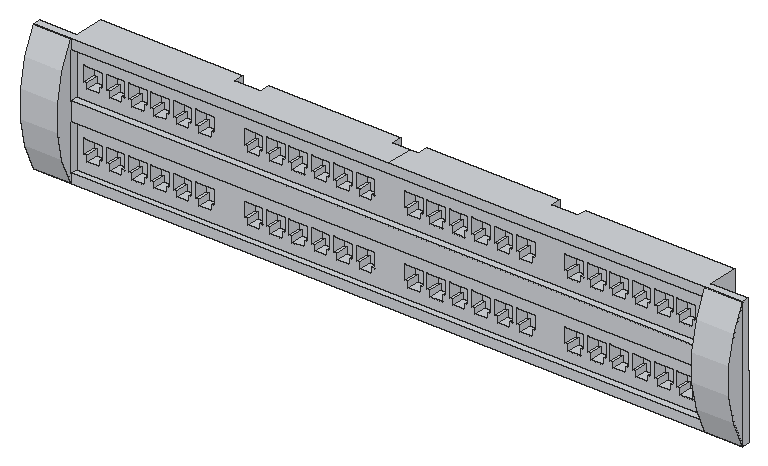
Revit family
Parameters (values of type "Type 1")
  Material ID = "760152579"
  Description = "360 1100GS3 Evolve U/UTP 48 Port Patch Panel\r\n360 1100 GS3 48 Port Patch Panel"
Reference planes (in)
  plane 1 "Center (Front/Back)": y = 0
  plane 2: z = 0
  plane 3 "Center (Left/Right)": x = 0
Forms (in)
  Extrusion 1, solid
    sketch origin (0, 0, 0) x (1, 0, 0) y (0, 0, 1)
      loop
        line (0, 1.735) -> (-9.5, 1.735) -> (-9.5, -1.735) -> (9.5, -1.735) -> (9.5, 1.735) -> (0, 1.735)
    from 0 to 1
  Extrusion 2, solid
    sketch origin (0, 0, 0) x (0, 1, 0) y (0, 0, 1)
      loop
        arc (-1, 1.735) -> (-1.46083, 0) -> (-1, -1.735) r 3.49647
        line (-1, -1.735) -> (-1, 1.735)
    from -9.5 to -8.5
  Extrusion 3, solid
    sketch origin (0, 0, 0) x (0, 1, 0) y (0, 0, -1)
      loop
        line (-1, -1.735) -> (-1, 1.735)
        arc (-1, 1.735) -> (-1.46083, 0) -> (-1, -1.735) r 3.49647
    from -9.5 to -8.5
  Extrusion 4, void
    sketch origin (0, 0, 0) x (1, 0, 0) y (0, 0, 1)
      loop
        line (0, 1.5) -> (-8.5, 1.5) -> (-8.5, 0.24) -> (8.5, 0.24) -> (8.5, 1.5) -> (0, 1.5)
      loop
        line (8.5, -1.5) -> (8.5, -0.24) -> (-8.5, -0.24) -> (-8.5, -1.5) -> (8.5, -1.5)
    from 0.80035 to 1
  Extrusion 5, void
    sketch origin (0, 0, 0) x (1, 0, 0) y (0, 0, 1)
      loop
        line (-8.306, 1.07722) -> (-8.306, 0.68622) -> (-8.226, 0.68622) -> (-8.226, 0.53222) -> (-7.886, 0.53222) -> (-7.886, 0.68622) -> (-7.806, 0.68622) -> (-7.806, 1.07722) -> (-8.306, 1.07722)
    from 0.462 to 1.10159
  Extrusion 6, void, not visible
    sketch origin (0, 0, 0) x (1, 0, 0) y (0, 0, 1)
      loop
        line (-8.45, 1.2) -> (-8.45, 0.809) -> (-8.37, 0.809) -> (-8.37, 0.655) -> (-8.03, 0.655) -> (-8.03, 0.809) -> (-7.95, 0.809) -> (-7.95, 1.2) -> (-8.45, 1.2)
    from 0.60159 to 1.10159
  Extrusion 7, void, not visible
    sketch origin (0.5989, 0, 0) x (1, 0, 0) y (0, 0, 1)
      loop
        line (-8.45, 1.2) -> (-8.45, 0.809) -> (-8.37, 0.809) -> (-8.37, 0.655) -> (-8.03, 0.655) -> (-8.03, 0.809) -> (-7.95, 0.809) -> (-7.95, 1.2) -> (-8.45, 1.2)
    from 0.60159 to 1.10159
  Extrusion 8, void, not visible
    sketch origin (1.2106, 0, 0) x (1, 0, 0) y (0, 0, 1)
      loop
        line (-8.45, 1.2) -> (-8.45, 0.809) -> (-8.37, 0.809) -> (-8.37, 0.655) -> (-8.03, 0.655) -> (-8.03, 0.809) -> (-7.95, 0.809) -> (-7.95, 1.2) -> (-8.45, 1.2)
    from 0.60159 to 1.10159
  Extrusion 9, void, not visible
    sketch origin (1.81104, 0, 0) x (1, 0, 0) y (0, 0, 1)
      loop
        line (-8.45, 1.2) -> (-8.45, 0.809) -> (-8.37, 0.809) -> (-8.37, 0.655) -> (-8.03, 0.655) -> (-8.03, 0.809) -> (-7.95, 0.809) -> (-7.95, 1.2) -> (-8.45, 1.2)
    from 0.60159 to 1.10159
  Extrusion 10, void, not visible
    sketch origin (2.41302, 0, 0) x (1, 0, 0) y (0, 0, 1)
      loop
        line (-8.45, 1.2) -> (-8.45, 0.809) -> (-8.37, 0.809) -> (-8.37, 0.655) -> (-8.03, 0.655) -> (-8.03, 0.809) -> (-7.95, 0.809) -> (-7.95, 1.2) -> (-8.45, 1.2)
    from 0.60159 to 1.10159
  Extrusion 11, void, not visible
    sketch origin (3.01652, 0, 0) x (1, 0, 0) y (0, 0, 1)
      loop
        line (-8.45, 1.2) -> (-8.45, 0.809) -> (-8.37, 0.809) -> (-8.37, 0.655) -> (-8.03, 0.655) -> (-8.03, 0.809) -> (-7.95, 0.809) -> (-7.95, 1.2) -> (-8.45, 1.2)
    from 0.60159 to 1.10159
  Extrusion 12, void
    sketch origin (0, 0, 0) x (1, 0, 0) y (0, 0, 1)
      loop
        line (9.5, 1.735) -> (8.5, 1.735) -> (8.5, -1.735) -> (9.5, -1.735) -> (9.5, 1.735)
    from 0 to 0.80035
  Extrusion 13, void
    sketch origin (0.6, 0, 0) x (1, 0, 0) y (0, 0, 1)
      loop
        line (-8.306, 1.07722) -> (-8.306, 0.68622) -> (-8.226, 0.68622) -> (-8.226, 0.53222) -> (-7.886, 0.53222) -> (-7.886, 0.68622) -> (-7.806, 0.68622) -> (-7.806, 1.07722) -> (-8.306, 1.07722)
    from 0.462 to 1.10159
  Extrusion 14, void
    sketch origin (1.2, 0, 0) x (1, 0, 0) y (0, 0, 1)
      loop
        line (-8.306, 1.07722) -> (-8.306, 0.68622) -> (-8.226, 0.68622) -> (-8.226, 0.53222) -> (-7.886, 0.53222) -> (-7.886, 0.68622) -> (-7.806, 0.68622) -> (-7.806, 1.07722) -> (-8.306, 1.07722)
    from 0.462 to 1.10159
  Extrusion 15, void
    sketch origin (1.8, 0, 0) x (1, 0, 0) y (0, 0, 1)
      loop
        line (-8.306, 1.07722) -> (-8.306, 0.68622) -> (-8.226, 0.68622) -> (-8.226, 0.53222) -> (-7.886, 0.53222) -> (-7.886, 0.68622) -> (-7.806, 0.68622) -> (-7.806, 1.07722) -> (-8.306, 1.07722)
    from 0.462 to 1.10159
  Extrusion 16, void
    sketch origin (2.4, 0, 0) x (1, 0, 0) y (0, 0, 1)
      loop
        line (-8.306, 1.07722) -> (-8.306, 0.68622) -> (-8.226, 0.68622) -> (-8.226, 0.53222) -> (-7.886, 0.53222) -> (-7.886, 0.68622) -> (-7.806, 0.68622) -> (-7.806, 1.07722) -> (-8.306, 1.07722)
    from 0.462 to 1.10159
  Extrusion 17, void
    sketch origin (3, 0, 0) x (1, 0, 0) y (0, 0, 1)
      loop
        line (-8.306, 1.07722) -> (-8.306, 0.68622) -> (-8.226, 0.68622) -> (-8.226, 0.53222) -> (-7.886, 0.53222) -> (-7.886, 0.68622) -> (-7.806, 0.68622) -> (-7.806, 1.07722) -> (-8.306, 1.07722)
    from 0.462 to 1.10159
  Extrusion 18, void, not visible
    sketch origin (0, 0, 0) x (1, 0, 0) y (0, 0, 1)
      loop
        line (-8.306, 1.07722) -> (-8.306, 0.68622) -> (-8.226, 0.68622) -> (-8.226, 0.53222) -> (-7.886, 0.53222) -> (-7.886, 0.68622) -> (-7.806, 0.68622) -> (-7.806, 1.07722) -> (-8.306, 1.07722)
    from 0.462 to 1.10159
  Extrusion 19, void
    sketch origin (4.3, 0, 0) x (1, 0, 0) y (0, 0, 1)
      loop
        line (-8.306, 1.07722) -> (-8.306, 0.68622) -> (-8.226, 0.68622) -> (-8.226, 0.53222) -> (-7.886, 0.53222) -> (-7.886, 0.68622) -> (-7.806, 0.68622) -> (-7.806, 1.07722) -> (-8.306, 1.07722)
    from 0.462 to 1.10159
  Extrusion 20, void
    sketch origin (4.9, 0, 0) x (1, 0, 0) y (0, 0, 1)
      loop
        line (-8.306, 1.07722) -> (-8.306, 0.68622) -> (-8.226, 0.68622) -> (-8.226, 0.53222) -> (-7.886, 0.53222) -> (-7.886, 0.68622) -> (-7.806, 0.68622) -> (-7.806, 1.07722) -> (-8.306, 1.07722)
    from 0.462 to 1.10159
  Extrusion 21, void
    sketch origin (5.5, 0, 0) x (1, 0, 0) y (0, 0, 1)
      loop
        line (-8.306, 1.07722) -> (-8.306, 0.68622) -> (-8.226, 0.68622) -> (-8.226, 0.53222) -> (-7.886, 0.53222) -> (-7.886, 0.68622) -> (-7.806, 0.68622) -> (-7.806, 1.07722) -> (-8.306, 1.07722)
    from 0.462 to 1.10159
  Extrusion 22, void
    sketch origin (6.1, 0, 0) x (1, 0, 0) y (0, 0, 1)
      loop
        line (-8.306, 1.07722) -> (-8.306, 0.68622) -> (-8.226, 0.68622) -> (-8.226, 0.53222) -> (-7.886, 0.53222) -> (-7.886, 0.68622) -> (-7.806, 0.68622) -> (-7.806, 1.07722) -> (-8.306, 1.07722)
    from 0.462 to 1.10159
  Extrusion 23, void
    sketch origin (6.7, 0, 0) x (1, 0, 0) y (0, 0, 1)
      loop
        line (-8.306, 1.07722) -> (-8.306, 0.68622) -> (-8.226, 0.68622) -> (-8.226, 0.53222) -> (-7.886, 0.53222) -> (-7.886, 0.68622) -> (-7.806, 0.68622) -> (-7.806, 1.07722) -> (-8.306, 1.07722)
    from 0.462 to 1.10159
  Extrusion 24, void
    sketch origin (7.3, 0, 0) x (1, 0, 0) y (0, 0, 1)
      loop
        line (-8.306, 1.07722) -> (-8.306, 0.68622) -> (-8.226, 0.68622) -> (-8.226, 0.53222) -> (-7.886, 0.53222) -> (-7.886, 0.68622) -> (-7.806, 0.68622) -> (-7.806, 1.07722) -> (-8.306, 1.07722)
    from 0.462 to 1.10159
  Extrusion 25, void
    sketch origin (8.6, 0, 0) x (1, 0, 0) y (0, 0, 1)
      loop
        line (-8.306, 1.07722) -> (-8.306, 0.68622) -> (-8.226, 0.68622) -> (-8.226, 0.53222) -> (-7.886, 0.53222) -> (-7.886, 0.68622) -> (-7.806, 0.68622) -> (-7.806, 1.07722) -> (-8.306, 1.07722)
    from 0.462 to 1.10159
  Extrusion 26, void
    sketch origin (9.2, 0, 0) x (1, 0, 0) y (0, 0, 1)
      loop
        line (-8.306, 1.07722) -> (-8.306, 0.68622) -> (-8.226, 0.68622) -> (-8.226, 0.53222) -> (-7.886, 0.53222) -> (-7.886, 0.68622) -> (-7.806, 0.68622) -> (-7.806, 1.07722) -> (-8.306, 1.07722)
    from 0.462 to 1.10159
  Extrusion 27, void
    sketch origin (9.8, 0, 0) x (1, 0, 0) y (0, 0, 1)
      loop
        line (-8.306, 1.07722) -> (-8.306, 0.68622) -> (-8.226, 0.68622) -> (-8.226, 0.53222) -> (-7.886, 0.53222) -> (-7.886, 0.68622) -> (-7.806, 0.68622) -> (-7.806, 1.07722) -> (-8.306, 1.07722)
    from 0.462 to 1.10159
  Extrusion 28, void
    sketch origin (10.4, 0, 0) x (1, 0, 0) y (0, 0, 1)
      loop
        line (-8.306, 1.07722) -> (-8.306, 0.68622) -> (-8.226, 0.68622) -> (-8.226, 0.53222) -> (-7.886, 0.53222) -> (-7.886, 0.68622) -> (-7.806, 0.68622) -> (-7.806, 1.07722) -> (-8.306, 1.07722)
    from 0.462 to 1.10159
  Extrusion 29, void
    sketch origin (11, 0, 0) x (1, 0, 0) y (0, 0, 1)
      loop
        line (-8.306, 1.07722) -> (-8.306, 0.68622) -> (-8.226, 0.68622) -> (-8.226, 0.53222) -> (-7.886, 0.53222) -> (-7.886, 0.68622) -> (-7.806, 0.68622) -> (-7.806, 1.07722) -> (-8.306, 1.07722)
    from 0.462 to 1.10159
  Extrusion 30, void
    sketch origin (11.6, 0, 0) x (1, 0, 0) y (0, 0, 1)
      loop
        line (-8.306, 1.07722) -> (-8.306, 0.68622) -> (-8.226, 0.68622) -> (-8.226, 0.53222) -> (-7.886, 0.53222) -> (-7.886, 0.68622) -> (-7.806, 0.68622) -> (-7.806, 1.07722) -> (-8.306, 1.07722)
    from 0.462 to 1.10159
  Extrusion 31, void
    sketch origin (12.9, 0, 0) x (1, 0, 0) y (0, 0, 1)
      loop
        line (-8.306, 1.07722) -> (-8.306, 0.68622) -> (-8.226, 0.68622) -> (-8.226, 0.53222) -> (-7.886, 0.53222) -> (-7.886, 0.68622) -> (-7.806, 0.68622) -> (-7.806, 1.07722) -> (-8.306, 1.07722)
    from 0.462 to 1.10159
  Extrusion 32, void
    sketch origin (13.5, 0, 0) x (1, 0, 0) y (0, 0, 1)
      loop
        line (-8.306, 1.07722) -> (-8.306, 0.68622) -> (-8.226, 0.68622) -> (-8.226, 0.53222) -> (-7.886, 0.53222) -> (-7.886, 0.68622) -> (-7.806, 0.68622) -> (-7.806, 1.07722) -> (-8.306, 1.07722)
    from 0.462 to 1.10159
  Extrusion 33, void
    sketch origin (14.1, 0, 0) x (1, 0, 0) y (0, 0, 1)
      loop
        line (-8.306, 1.07722) -> (-8.306, 0.68622) -> (-8.226, 0.68622) -> (-8.226, 0.53222) -> (-7.886, 0.53222) -> (-7.886, 0.68622) -> (-7.806, 0.68622) -> (-7.806, 1.07722) -> (-8.306, 1.07722)
    from 0.462 to 1.10159
  Extrusion 34, void
    sketch origin (14.7, 0, 0) x (1, 0, 0) y (0, 0, 1)
      loop
        line (-8.306, 1.07722) -> (-8.306, 0.68622) -> (-8.226, 0.68622) -> (-8.226, 0.53222) -> (-7.886, 0.53222) -> (-7.886, 0.68622) -> (-7.806, 0.68622) -> (-7.806, 1.07722) -> (-8.306, 1.07722)
    from 0.462 to 1.10159
  Extrusion 35, void
    sketch origin (15.3, 0, 0) x (1, 0, 0) y (0, 0, 1)
      loop
        line (-8.306, 1.07722) -> (-8.306, 0.68622) -> (-8.226, 0.68622) -> (-8.226, 0.53222) -> (-7.886, 0.53222) -> (-7.886, 0.68622) -> (-7.806, 0.68622) -> (-7.806, 1.07722) -> (-8.306, 1.07722)
    from 0.462 to 1.10159
  Extrusion 36, void
    sketch origin (15.9, 0, 0) x (1, 0, 0) y (0, 0, 1)
      loop
        line (-8.306, 1.07722) -> (-8.306, 0.68622) -> (-8.226, 0.68622) -> (-8.226, 0.53222) -> (-7.886, 0.53222) -> (-7.886, 0.68622) -> (-7.806, 0.68622) -> (-7.806, 1.07722) -> (-8.306, 1.07722)
    from 0.462 to 1.10159
  Extrusion 37, void, not visible
    sketch origin (0, 0, 0) x (1, 0, 0) y (0, 0, 1)
      loop
        line (-8.306, 1.07722) -> (-8.306, 0.68622) -> (-8.226, 0.68622) -> (-8.226, 0.53222) -> (-7.886, 0.53222) -> (-7.886, 0.68622) -> (-7.806, 0.68622) -> (-7.806, 1.07722) -> (-8.306, 1.07722)
    from 0.462 to 1.10159
  Extrusion 38, void, not visible
    sketch origin (0.6, 0, 0) x (1, 0, 0) y (0, 0, 1)
      loop
        line (-8.306, 1.07722) -> (-8.306, 0.68622) -> (-8.226, 0.68622) -> (-8.226, 0.53222) -> (-7.886, 0.53222) -> (-7.886, 0.68622) -> (-7.806, 0.68622) -> (-7.806, 1.07722) -> (-8.306, 1.07722)
    from 0.462 to 1.10159
  Extrusion 39, void, not visible
    sketch origin (1.2, 0, 0) x (1, 0, 0) y (0, 0, 1)
      loop
        line (-8.306, 1.07722) -> (-8.306, 0.68622) -> (-8.226, 0.68622) -> (-8.226, 0.53222) -> (-7.886, 0.53222) -> (-7.886, 0.68622) -> (-7.806, 0.68622) -> (-7.806, 1.07722) -> (-8.306, 1.07722)
    from 0.462 to 1.10159
  Extrusion 40, void, not visible
    sketch origin (1.8, 0, 0) x (1, 0, 0) y (0, 0, 1)
      loop
        line (-8.306, 1.07722) -> (-8.306, 0.68622) -> (-8.226, 0.68622) -> (-8.226, 0.53222) -> (-7.886, 0.53222) -> (-7.886, 0.68622) -> (-7.806, 0.68622) -> (-7.806, 1.07722) -> (-8.306, 1.07722)
    from 0.462 to 1.10159
  Extrusion 41, void, not visible
    sketch origin (2.4, 0, 0) x (1, 0, 0) y (0, 0, 1)
      loop
        line (-8.306, 1.07722) -> (-8.306, 0.68622) -> (-8.226, 0.68622) -> (-8.226, 0.53222) -> (-7.886, 0.53222) -> (-7.886, 0.68622) -> (-7.806, 0.68622) -> (-7.806, 1.07722) -> (-8.306, 1.07722)
    from 0.462 to 1.10159
  Extrusion 42, void, not visible
    sketch origin (3, 0, 0) x (1, 0, 0) y (0, 0, 1)
      loop
        line (-8.306, 1.07722) -> (-8.306, 0.68622) -> (-8.226, 0.68622) -> (-8.226, 0.53222) -> (-7.886, 0.53222) -> (-7.886, 0.68622) -> (-7.806, 0.68622) -> (-7.806, 1.07722) -> (-8.306, 1.07722)
    from 0.462 to 1.10159
  Extrusion 43, void
    sketch origin (0, 0, -1.75) x (1, 0, 0) y (0, 0, 1)
      loop
        line (-8.306, 1.07722) -> (-8.306, 0.68622) -> (-8.226, 0.68622) -> (-8.226, 0.53222) -> (-7.886, 0.53222) -> (-7.886, 0.68622) -> (-7.806, 0.68622) -> (-7.806, 1.07722) -> (-8.306, 1.07722)
    from 0.462 to 1.10159
  Extrusion 44, void
    sketch origin (0.6, 0, -1.75) x (1, 0, 0) y (0, 0, 1)
      loop
        line (-8.306, 1.07722) -> (-8.306, 0.68622) -> (-8.226, 0.68622) -> (-8.226, 0.53222) -> (-7.886, 0.53222) -> (-7.886, 0.68622) -> (-7.806, 0.68622) -> (-7.806, 1.07722) -> (-8.306, 1.07722)
    from 0.462 to 1.10159
  Extrusion 45, void
    sketch origin (1.2, 0, -1.75) x (1, 0, 0) y (0, 0, 1)
      loop
        line (-8.306, 1.07722) -> (-8.306, 0.68622) -> (-8.226, 0.68622) -> (-8.226, 0.53222) -> (-7.886, 0.53222) -> (-7.886, 0.68622) -> (-7.806, 0.68622) -> (-7.806, 1.07722) -> (-8.306, 1.07722)
    from 0.462 to 1.10159
  Extrusion 46, void
    sketch origin (1.8, 0, -1.75) x (1, 0, 0) y (0, 0, 1)
      loop
        line (-8.306, 1.07722) -> (-8.306, 0.68622) -> (-8.226, 0.68622) -> (-8.226, 0.53222) -> (-7.886, 0.53222) -> (-7.886, 0.68622) -> (-7.806, 0.68622) -> (-7.806, 1.07722) -> (-8.306, 1.07722)
    from 0.462 to 1.10159
  Extrusion 47, void
    sketch origin (2.4, 0, -1.75) x (1, 0, 0) y (0, 0, 1)
      loop
        line (-8.306, 1.07722) -> (-8.306, 0.68622) -> (-8.226, 0.68622) -> (-8.226, 0.53222) -> (-7.886, 0.53222) -> (-7.886, 0.68622) -> (-7.806, 0.68622) -> (-7.806, 1.07722) -> (-8.306, 1.07722)
    from 0.462 to 1.10159
  Extrusion 48, void
    sketch origin (3, 0, -1.75) x (1, 0, 0) y (0, 0, 1)
      loop
        line (-8.306, 1.07722) -> (-8.306, 0.68622) -> (-8.226, 0.68622) -> (-8.226, 0.53222) -> (-7.886, 0.53222) -> (-7.886, 0.68622) -> (-7.806, 0.68622) -> (-7.806, 1.07722) -> (-8.306, 1.07722)
    from 0.462 to 1.10159
  Extrusion 49, void
    sketch origin (4.3, 0, -1.75) x (1, 0, 0) y (0, 0, 1)
      loop
        line (-8.306, 1.07722) -> (-8.306, 0.68622) -> (-8.226, 0.68622) -> (-8.226, 0.53222) -> (-7.886, 0.53222) -> (-7.886, 0.68622) -> (-7.806, 0.68622) -> (-7.806, 1.07722) -> (-8.306, 1.07722)
    from 0.462 to 1.10159
  Extrusion 50, void
    sketch origin (4.9, 0, -1.75) x (1, 0, 0) y (0, 0, 1)
      loop
        line (-8.306, 1.07722) -> (-8.306, 0.68622) -> (-8.226, 0.68622) -> (-8.226, 0.53222) -> (-7.886, 0.53222) -> (-7.886, 0.68622) -> (-7.806, 0.68622) -> (-7.806, 1.07722) -> (-8.306, 1.07722)
    from 0.462 to 1.10159
  Extrusion 51, void
    sketch origin (5.5, 0, -1.75) x (1, 0, 0) y (0, 0, 1)
      loop
        line (-8.306, 1.07722) -> (-8.306, 0.68622) -> (-8.226, 0.68622) -> (-8.226, 0.53222) -> (-7.886, 0.53222) -> (-7.886, 0.68622) -> (-7.806, 0.68622) -> (-7.806, 1.07722) -> (-8.306, 1.07722)
    from 0.462 to 1.10159
  Extrusion 52, void
    sketch origin (6.1, 0, -1.75) x (1, 0, 0) y (0, 0, 1)
      loop
        line (-8.306, 1.07722) -> (-8.306, 0.68622) -> (-8.226, 0.68622) -> (-8.226, 0.53222) -> (-7.886, 0.53222) -> (-7.886, 0.68622) -> (-7.806, 0.68622) -> (-7.806, 1.07722) -> (-8.306, 1.07722)
    from 0.462 to 1.10159
  Extrusion 53, void
    sketch origin (6.7, 0, -1.75) x (1, 0, 0) y (0, 0, 1)
      loop
        line (-8.306, 1.07722) -> (-8.306, 0.68622) -> (-8.226, 0.68622) -> (-8.226, 0.53222) -> (-7.886, 0.53222) -> (-7.886, 0.68622) -> (-7.806, 0.68622) -> (-7.806, 1.07722) -> (-8.306, 1.07722)
    from 0.462 to 1.10159
  Extrusion 54, void
    sketch origin (7.3, 0, -1.75) x (1, 0, 0) y (0, 0, 1)
      loop
        line (-8.306, 1.07722) -> (-8.306, 0.68622) -> (-8.226, 0.68622) -> (-8.226, 0.53222) -> (-7.886, 0.53222) -> (-7.886, 0.68622) -> (-7.806, 0.68622) -> (-7.806, 1.07722) -> (-8.306, 1.07722)
    from 0.462 to 1.10159
  Extrusion 55, void
    sketch origin (8.6, 0, -1.75) x (1, 0, 0) y (0, 0, 1)
      loop
        line (-8.306, 1.07722) -> (-8.306, 0.68622) -> (-8.226, 0.68622) -> (-8.226, 0.53222) -> (-7.886, 0.53222) -> (-7.886, 0.68622) -> (-7.806, 0.68622) -> (-7.806, 1.07722) -> (-8.306, 1.07722)
    from 0.462 to 1.10159
  Extrusion 56, void
    sketch origin (9.2, 0, -1.75) x (1, 0, 0) y (0, 0, 1)
      loop
        line (-8.306, 1.07722) -> (-8.306, 0.68622) -> (-8.226, 0.68622) -> (-8.226, 0.53222) -> (-7.886, 0.53222) -> (-7.886, 0.68622) -> (-7.806, 0.68622) -> (-7.806, 1.07722) -> (-8.306, 1.07722)
    from 0.462 to 1.10159
  Extrusion 57, void
    sketch origin (9.8, 0, -1.75) x (1, 0, 0) y (0, 0, 1)
      loop
        line (-8.306, 1.07722) -> (-8.306, 0.68622) -> (-8.226, 0.68622) -> (-8.226, 0.53222) -> (-7.886, 0.53222) -> (-7.886, 0.68622) -> (-7.806, 0.68622) -> (-7.806, 1.07722) -> (-8.306, 1.07722)
    from 0.462 to 1.10159
  Extrusion 58, void
    sketch origin (10.4, 0, -1.75) x (1, 0, 0) y (0, 0, 1)
      loop
        line (-8.306, 1.07722) -> (-8.306, 0.68622) -> (-8.226, 0.68622) -> (-8.226, 0.53222) -> (-7.886, 0.53222) -> (-7.886, 0.68622) -> (-7.806, 0.68622) -> (-7.806, 1.07722) -> (-8.306, 1.07722)
    from 0.462 to 1.10159
  Extrusion 59, void
    sketch origin (11, 0, -1.75) x (1, 0, 0) y (0, 0, 1)
      loop
        line (-8.306, 1.07722) -> (-8.306, 0.68622) -> (-8.226, 0.68622) -> (-8.226, 0.53222) -> (-7.886, 0.53222) -> (-7.886, 0.68622) -> (-7.806, 0.68622) -> (-7.806, 1.07722) -> (-8.306, 1.07722)
    from 0.462 to 1.10159
  Extrusion 60, void
    sketch origin (11.6, 0, -1.75) x (1, 0, 0) y (0, 0, 1)
      loop
        line (-8.306, 1.07722) -> (-8.306, 0.68622) -> (-8.226, 0.68622) -> (-8.226, 0.53222) -> (-7.886, 0.53222) -> (-7.886, 0.68622) -> (-7.806, 0.68622) -> (-7.806, 1.07722) -> (-8.306, 1.07722)
    from 0.462 to 1.10159
  Extrusion 61, void
    sketch origin (12.9, 0, -1.75) x (1, 0, 0) y (0, 0, 1)
      loop
        line (-8.306, 1.07722) -> (-8.306, 0.68622) -> (-8.226, 0.68622) -> (-8.226, 0.53222) -> (-7.886, 0.53222) -> (-7.886, 0.68622) -> (-7.806, 0.68622) -> (-7.806, 1.07722) -> (-8.306, 1.07722)
    from 0.462 to 1.10159
  Extrusion 62, void
    sketch origin (13.5, 0, -1.75) x (1, 0, 0) y (0, 0, 1)
      loop
        line (-8.306, 1.07722) -> (-8.306, 0.68622) -> (-8.226, 0.68622) -> (-8.226, 0.53222) -> (-7.886, 0.53222) -> (-7.886, 0.68622) -> (-7.806, 0.68622) -> (-7.806, 1.07722) -> (-8.306, 1.07722)
    from 0.462 to 1.10159
  Extrusion 63, void
    sketch origin (14.1, 0, -1.75) x (1, 0, 0) y (0, 0, 1)
      loop
        line (-8.306, 1.07722) -> (-8.306, 0.68622) -> (-8.226, 0.68622) -> (-8.226, 0.53222) -> (-7.886, 0.53222) -> (-7.886, 0.68622) -> (-7.806, 0.68622) -> (-7.806, 1.07722) -> (-8.306, 1.07722)
    from 0.462 to 1.10159
  Extrusion 64, void
    sketch origin (14.7, 0, -1.75) x (1, 0, 0) y (0, 0, 1)
      loop
        line (-8.306, 1.07722) -> (-8.306, 0.68622) -> (-8.226, 0.68622) -> (-8.226, 0.53222) -> (-7.886, 0.53222) -> (-7.886, 0.68622) -> (-7.806, 0.68622) -> (-7.806, 1.07722) -> (-8.306, 1.07722)
    from 0.462 to 1.10159
  Extrusion 65, void
    sketch origin (15.3, 0, -1.75) x (1, 0, 0) y (0, 0, 1)
      loop
        line (-8.306, 1.07722) -> (-8.306, 0.68622) -> (-8.226, 0.68622) -> (-8.226, 0.53222) -> (-7.886, 0.53222) -> (-7.886, 0.68622) -> (-7.806, 0.68622) -> (-7.806, 1.07722) -> (-8.306, 1.07722)
    from 0.462 to 1.10159
  Extrusion 66, void
    sketch origin (15.9, 0, -1.75) x (1, 0, 0) y (0, 0, 1)
      loop
        line (-8.306, 1.07722) -> (-8.306, 0.68622) -> (-8.226, 0.68622) -> (-8.226, 0.53222) -> (-7.886, 0.53222) -> (-7.886, 0.68622) -> (-7.806, 0.68622) -> (-7.806, 1.07722) -> (-8.306, 1.07722)
    from 0.462 to 1.10159
  Extrusion 67, void
    sketch origin (0, 0, 0) x (1, 0, 0) y (0, 0, 1)
      loop
        line (-8.5, 1.735) -> (-9.5, 1.735) -> (-9.5, -1.735) -> (-8.5, -1.735) -> (-8.5, 1.735)
    from 0 to 0.80035
  Extrusion 68, void
    sketch origin (0, 0, 0) x (1, 0, 0) y (0, 0, 1)
      loop
        line (4.5, 1.75) -> (3.8, 1.75) -> (3.8, -1.735) -> (4.5, -1.735) -> (4.5, 1.75)
      loop
        line (0.25, 1.75) -> (-0.45, 1.75) -> (-0.45, -1.735) -> (0.25, -1.735) -> (0.25, 1.75)
      loop
        line (-4, 1.75) -> (-4.7, 1.75) -> (-4.7, -1.735) -> (-4, -1.735) -> (-4, 1.75)
    from 0 to 0.26215
  Extrusion 69, void
    sketch origin (0, 0, 0) x (1, 0, 0) y (0, 0, 1)
      loop
        line (9.16752, 1.36323) -> (8.79742, 1.36323)
        arc (8.79742, 1.36323) -> (8.64742, 1.21323) -> (8.79742, 1.06323) r 0.15
        line (8.79742, 1.06323) -> (9.16752, 1.06323)
        arc (9.16752, 1.06323) -> (9.31752, 1.21323) -> (9.16752, 1.36323) r 0.15
      loop
        arc (9.16752, -1.36323) -> (9.31752, -1.21323) -> (9.16752, -1.06323) r 0.15
        line (9.16752, -1.06323) -> (8.79742, -1.06323)
        arc (8.79742, -1.06323) -> (8.64742, -1.21323) -> (8.79742, -1.36323) r 0.15
        line (8.79742, -1.36323) -> (9.16752, -1.36323)
      loop
        arc (-9.16752, 1.36323) -> (-9.31752, 1.21323) -> (-9.16752, 1.06323) r 0.15
        line (-9.16752, 1.06323) -> (-8.79742, 1.06323)
        arc (-8.79742, 1.06323) -> (-8.64742, 1.21323) -> (-8.79742, 1.36323) r 0.15
        line (-8.79742, 1.36323) -> (-9.16752, 1.36323)
      loop
        line (-9.16752, -1.36323) -> (-8.79742, -1.36323)
        arc (-8.79742, -1.36323) -> (-8.64742, -1.21323) -> (-8.79742, -1.06323) r 0.15
        line (-8.79742, -1.06323) -> (-9.16752, -1.06323)
        arc (-9.16752, -1.06323) -> (-9.31752, -1.21323) -> (-9.16752, -1.36323) r 0.15
    from 0 to 1
Cuts and joins
  Extrusion 4, Extrusion 5, Extrusion 12, Extrusion 13, Extrusion 14, Extrusion 15, Extrusion 16, Extrusion 17, Extrusion 19, Extrusion 20, Extrusion 21, Extrusion 22, Extrusion 23, Extrusion 24, Extrusion 25, Extrusion 26, Extrusion 27, Extrusion 28, Extrusion 29, Extrusion 30, Extrusion 31, Extrusion 32, Extrusion 33, Extrusion 34, Extrusion 35, Extrusion 36, Extrusion 43, Extrusion 44, Extrusion 45, Extrusion 46, Extrusion 47, Extrusion 48, Extrusion 49, Extrusion 50, Extrusion 51, Extrusion 52, Extrusion 53, Extrusion 54, Extrusion 55, Extrusion 56, Extrusion 57, Extrusion 58, Extrusion 59, Extrusion 60, Extrusion 61, Extrusion 62, Extrusion 63, Extrusion 64, Extrusion 65, Extrusion 66, Extrusion 67, Extrusion 68, Extrusion 69 cuts Extrusion 1
  Extrusion 4, Extrusion 67, Extrusion 69 cuts Extrusion 2
  Extrusion 4, Extrusion 12, Extrusion 69 cuts Extrusion 3
Dimensions and locks (in)
  equal spacing: group 2, group 3, group 4, group 5, group 6, group 7  (x3)
  equal spacing: group 10, group 11, group 12, group 13, group 14, group 15  (x3)
  equal spacing: group 8, group 16, group 23, group 30  (x3)
  equal spacing: group 17, group 18, group 19, group 20, group 21, group 22  (x3)
  equal spacing: group 24, group 25, group 26, group 27, group 28, group 29  (x3)
  equal spacing: group 32, group 33, group 34, group 35, group 36, group 37  (x3)
  equal spacing: group 39, group 40, group 41, group 42, group 43, group 44  (x3)
  equal spacing: group 46, group 47, group 48, group 49, group 50, group 51  (x3)
  equal spacing: group 45, group 52, group 59, group 66  (x3)
  equal spacing: group 53, group 54, group 55, group 56, group 57, group 58  (x3)
  equal spacing: group 60, group 61, group 62, group 63, group 64, group 65  (x3)
  group 31 to group 67 = 0"  (x2)
  group 67 to group 31 = 1.75"
  aligned and locked: Extrusion 2 sketch curve to Extrusion 1
  aligned and locked: plane 3 "Center (Left/Right)" to Extrusion 4 sketch curve
  aligned and locked: Extrusion 12 sketch curve to cut or joined group 1 (Extrusion 1, Extrusion 4, Extrusion 5, Extrusion 12, Extrusion 13, Extrusion 14, Extrusion 15, Extrusion 16, Extrusion 17, Extrusion 19, Extrusion 20, Extrusion 21, Extrusion 22, Extrusion 23, Extrusion 24, Extrusion 25, Extrusion 26, Extrusion 27, Extrusion 28, Extrusion 29, Extrusion 30, Extrusion 31, Extrusion 32, Extrusion 33, Extrusion 34, Extrusion 35, Extrusion 36, Extrusion 43, Extrusion 44, Extrusion 45, Extrusion 46, Extrusion 47, Extrusion 48, Extrusion 49, Extrusion 50, Extrusion 51, Extrusion 52, Extrusion 53, Extrusion 54, Extrusion 55, Extrusion 56, Extrusion 57, Extrusion 58, Extrusion 59, Extrusion 60, Extrusion 61, Extrusion 62, Extrusion 63, Extrusion 64, Extrusion 65, Extrusion 66, Extrusion 67, Extrusion 68, Extrusion 69)  (x2)
  aligned and locked: Extrusion 12 sketch curve to cut or joined group of Extrusion 3, Extrusion 4, Extrusion 12, Extrusion 69  (x2)
  aligned and locked: Extrusion 67 sketch curve to cut or joined group of Extrusion 2, Extrusion 4, Extrusion 67, Extrusion 69  (x2)
  aligned and locked: Extrusion 67 sketch curve to cut or joined group 1  (x2)
